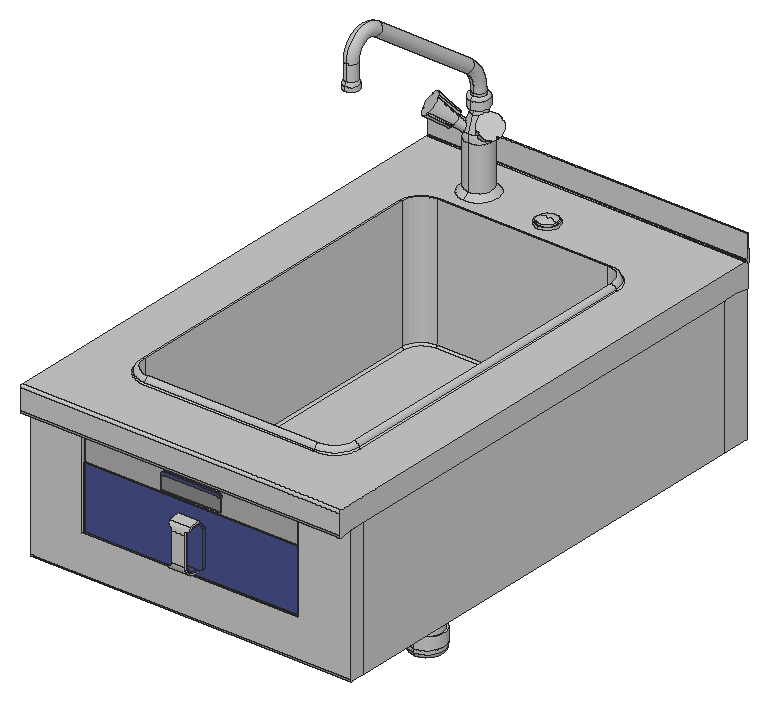
Revit family "QF_ELECTROLUXPROFESSIONAL_588401_MABFABEOAO", category Specialty Equipment, Revit 2018
Family settings
  Round Connector Dimension = Use Diameter
  Part Type = Normal
  Work Plane-Based = No
  Always vertical = Yes
  Cut with Voids When Loaded = No
  Shared = No
  Room Calculation Point = No
Parameters
  Weight in Pounds = 33.0693
  Watts = 1500 VA  # 1500 W
  Waste Water Discharge Temperature [instance] = -459.67 °F
  Volts = 400 V  # constant formula
  URL Cutsheet = ""
  Type Mark [instance] = ""
  Status [instance] = ""
  Specification by User [instance] = ""
  Specification by Manufacturer = ""
  Small Baine = yes
  Show Backsplash [instance] = yes
  Serial Number = ""
  Seismic Rating = ""
  SMACNA No = ""
  Revision Code [instance] = ""
  Plumbing Remarks [instance] = ""
  Plumbing Connection Type [instance] = ""
  Phase = 3  # constant formula
  Omniclass Number and Title = ""
  Number of Poles [instance] = 1
  NAFEM Spec ID Number = ""
  Model = "588401"
  Min Ckt Ampacity = 0 A
  Max Overcurrent Protection = 0 A
  Masterspec = ""
  Manufacturer = "ELECTROLUX"
  Item Number [instance] = ""
  Installed By [instance] = ""
  Indirect Waste Size = 1"
  Indirect Waste Flow [instance] = 0 GPM
  Indirect Waste Connection Type [instance] = ""
  Indirect Waste Connection Height = 0 mm
  Identify Quantity as Lot [instance] = yes
  Hot Water Temperature = -459.67 °F
  Hot Water Size = 3/4"
  Hot Water RI Height [instance] = 0 mm
  Hot Water Minimum Pressure = 0.00 psi
  Hot Water Maximum Pressure = 0.00 psi
  Hot Water Flow [instance] = 0 GPM
  Hot Water Consumption = 0 GPM
  Hot Water Connection Height = 0 mm
  HP = "2 HP"
  Furnished By [instance] = ""
  Foodservice Equipment Identifier [instance] = yes
  FL Amps [instance] = if(Phase = 3, Watts / (Volts * 1.73), Watts / Volts)  # 2.16763 A
  Electrical Remarks = "400 V/3N ph/50/60 Hz"  # constant formula
  Electric Connection Type [instance] = ""
  Elec Conn RI Height [instance] = 0 mm
  Elec Conn Connection Height [instance] = 0 mm
  Direct Waste Size = 1"
  Description = "EL.BAINM,1/1GN,TAP(L),1S,BS,500X800X250H"
  Cycle [instance] = if([60 Hertz Option], 60 Hz, 50 Hz)  # 60 Hz
  Conn Plug = ""
  Conn Conduit = yes
  Cold Water Temperature Recommended [instance] = 0 °F
  Cold Water Size = 3/4"
  Cold Water RI Height [instance] = 0 mm
  Cold Water Minimum Pressure = 0.00 psi
  Cold Water Maximum Pressure = 0.00 psi
  Cold Water Flow [instance] = 0 GPM
  Cold Water Consumption = ""
  Cold Water Connection Height = 0 mm
  CSI MasterFormat = ""
  CSI Master Format = ""
  Back Panel [instance] = not(Show Backsplash)  # no
  Apparent Power [instance] = if(Phase = 3, Volts * FL Amps * 1.73, Volts * FL Amps)  # 1500 VA
  60 Hertz Option [instance] = not([50 Hertz Option])  # yes
  50 Hertz Option [instance] = no
Reference planes
  plane 1 "BACK": y = 0
  plane 2: z = 0
  plane 3 "LEFT": x = 0
  plane 4 "RIGHT": x = 500
  plane 5 "FRONT": y = -800
  plane 6 "TOP": z = 250
  plane 7: x = 250
  plane 8: y = -400
  plane 9: z = 582.185
  plane 10: x = 465
  plane 11: y = -94
Forms (mm)
  Extrusion 1, solid, material "QF_Finishes_Stainless Steel"
    sketch origin (0, -487.128, 0) x (0, 1, 0) y (0, 0, 1)
      loop
        line (483.128, 250) -> (-308.872, 250)
        arc (-308.872, 250) -> (-311.7, 248.828) -> (-312.872, 246) r 4
        line (-312.872, 246) -> (-312.872, 214)
        arc (-312.872, 214) -> (-311.443, 210.936) -> (-308.177, 210.061) r 4
        line (-308.177, 210.061) -> (-291.509, 213) -> (465.765, 213) -> (482.433, 210.061)
        arc (482.433, 210.061) -> (485.699, 210.936) -> (487.128, 214) r 4
        line (487.128, 214) -> (487.128, 246)
        arc (487.128, 246) -> (485.956, 248.828) -> (483.128, 250) r 4
    from 0 to 500
  Extrusion 2, void
    sketch origin (0, -4, 250) x (1, 0, 0) y (0, -1, 0)
      loop
        line (423.051, 156.931) -> (423.051, 660.069)
        arc (423.051, 660.069) -> (411.335, 688.354) -> (383.051, 700.069) r 40
        line (383.051, 700.069) -> (116.931, 700.069)
        arc (116.931, 700.069) -> (88.646, 688.354) -> (76.931, 660.069) r 40
        line (76.931, 660.069) -> (76.931, 156.931)
        arc (76.931, 156.931) -> (88.646, 128.647) -> (116.931, 116.931) r 40
        line (116.931, 116.931) -> (383.051, 116.931)
        arc (383.051, 116.931) -> (411.335, 128.647) -> (423.051, 156.931) r 40
    from 0 to 40
  Extrusion 3, solid, material "QF_Finishes_Stainless Steel"
    sketch origin (-178.969, -4572, 0) x (-1, 0, 0) y (0, -1, 0)
      loop
        line (-178.969, -4526) -> (-178.969, -3818) -> (-678.969, -3818) -> (-678.969, -4526) -> (-178.969, -4526)
      loop
        line (-204.369, -4500.6) -> (-204.369, -3843.4) -> (-653.569, -3843.4) -> (-653.569, -4500.6) -> (-204.369, -4500.6)
    from 0 to 213
  Extrusion 4, solid, material "QF_Finishes_Stainless Steel"
    sketch origin (-178.969, -4572, 0) x (-1, 0, 0) y (0, -1, 0)
      loop
        line (-204.369, -4500.6) -> (-204.369, -3843.4) -> (-653.569, -3843.4) -> (-653.569, -4500.6) -> (-204.369, -4500.6)
    from 0 to 10
  Extrusion 5, solid, material "QF_Finishes_Stainless Steel", visible <- "Back Panel"
    sketch origin (0, 0, 0) x (0, 1, 0) y (0, 0, 1)
      loop
        line (-46, 0) -> (-23, 0)
        arc (-23, 0) -> (-20.879, 0.879) -> (-20, 3) r 3
        line (-20, 3) -> (-20, 213) -> (-46, 213) -> (-46, 0)
    from 0 to 500
  Extrusion 6, solid, material "QF_Finishes_Stainless Steel"
    sketch origin (-50, 25, 0) x (1, 0, 0) y (0, 1, 0)
      loop
        circle (300, -685) r 12.7
    from 0 to 12.5
  Extrusion 7, solid, material "QF_Finishes_Stainless Steel"
    sketch origin (-50, 39.803, 250) x (0, -1, 0) y (1, 0, 0)
      loop
        circle (120.803, 300) r 17.578
    from 0 to 3.2
  Revolve 8, solid, material "QF_Finishes_Stainless Steel"
    sketch origin (0, -81, 2.262) x (1, 0, 0) y (0, 0, 1)
      loop
        line (250, 250.938) -> (250, 256.608)
        arc (250, 256.608) -> (242.261, 255.697) -> (235, 252.868) r 30.732
        line (235, 252.868) -> (235, 250.938) -> (250, 250.938)
      axis (250, 250.938) -> (250, 256.608)
    angle from 0 to 360
  Revolve 9, solid, material "QF_Finishes_Stainless Steel"
    sketch origin (465, 1382.872, -192.047) x (0, 1, 0) y (0, 0, 1)
      loop
        line (-1937.861, 186.547) -> (-1937.861, 192.047) -> (-1967.861, 192.047) -> (-1967.861, 141.547) -> (-1947.861, 141.547)
        arc (-1947.861, 141.547) -> (-1943.618, 143.305) -> (-1941.861, 147.547) r 6
        line (-1941.861, 147.547) -> (-1941.361, 153.547) -> (-1941.361, 172.547) -> (-1944.361, 172.547) -> (-1944.361, 186.547) -> (-1937.861, 186.547)
      axis (-1967.872, 141.547) -> (-1967.872, 192.047)
    angle from 0 to 360
  Revolve 10, solid, material "QF_Finishes_Black"
    sketch origin (135, -54.517, -46.552) x (0, 1, 0) y (0, 0, 1)
      loop
        arc (-25.958, 192.99) -> (-25.178, 193.771) -> (-25.958, 194.552) r 0.781
        line (-25.958, 194.552) -> (-27.459, 194.552) -> (-27.459, 179.552) -> (-29.958, 179.552) -> (-29.958, 177.38) -> (-28.404, 177.38) -> (-27.456, 177.547) -> (-26.894, 178.11) -> (-25.907, 178.11) -> (-25.907, 180.54)
        arc (-25.907, 180.54) -> (-25.128, 181.318) -> (-25.907, 182.097) r 0.779
        arc (-25.907, 182.097) -> (-25.128, 182.875) -> (-25.907, 183.654) r 0.779
        arc (-25.907, 183.654) -> (-25.128, 184.433) -> (-25.907, 185.211) r 0.779
        arc (-25.907, 185.211) -> (-25.128, 185.99) -> (-25.907, 186.768) r 0.779
        arc (-25.907, 186.768) -> (-25.128, 187.547) -> (-25.907, 188.326) r 0.779
        arc (-25.907, 188.326) -> (-25.128, 189.104) -> (-25.907, 189.883) r 0.779
        arc (-25.907, 189.883) -> (-25.128, 190.661) -> (-25.907, 191.44) r 0.779
        arc (-25.907, 191.44) -> (-25.128, 192.219) -> (-25.907, 192.997) r 0.779
      axis (-39.483, 194.552) -> (-39.483, 177.38)
    angle from 0 to 360
  Extrusion 11, solid, material "QF_Finishes_Stainless Steel", visible <- "Show Backsplash"
    sketch origin (0, 0, 0) x (0, 1, 0) y (0, 0, 1)
      loop
        line (-2.951, 2) -> (-2.951, 210.133)
        arc (-2.951, 210.133) -> (-3.795, 210.009) -> (-4.646, 210.066) r 4
        line (-4.646, 210.066) -> (-21.287, 213) -> (-46, 213) -> (-46, 0) -> (-4.951, 0)
        arc (-4.951, 0) -> (-3.537, 0.586) -> (-2.951, 2) r 2
      loop
        arc (-1.951, 252.006) -> (-2.537, 250.592) -> (-3.951, 250.006) r 2
        arc (-3.951, 250.006) -> (-1.172, 248.828) -> (0, 246) r 4
        line (0, 246) -> (0, 288.006) -> (-1.951, 288.006) -> (-1.951, 252.006)
    from 500 to 0
  Sweep 12, solid, material "QF_Finishes_Stainless Steel"
    path origin (-178.969, -4572, 0) x (-1, 0, 0) y (0, -1, 0)
      loop
        line (-255.899, -4411.069) -> (-255.899, -3907.931)
        arc (-255.899, -3907.931) -> (-267.615, -3879.646) -> (-295.899, -3867.931) r 40
        line (-295.899, -3867.931) -> (-562.02, -3867.931)
        arc (-562.02, -3867.931) -> (-590.304, -3879.646) -> (-602.02, -3907.931) r 40
        line (-602.02, -3907.931) -> (-602.02, -4411.069)
        arc (-602.02, -4411.069) -> (-590.304, -4439.353) -> (-562.02, -4451.069) r 40
        line (-562.02, -4451.069) -> (-295.899, -4451.069)
        arc (-295.899, -4451.069) -> (-267.615, -4439.353) -> (-255.899, -4411.069) r 40
    profile origin (76.931, -412.5, 0) x (1, 0, 0) y (0, 0, 1)
      loop
        arc (9.05, 258) -> (4.345, 256.153) -> (1.961, 251.697) r 7.314
        arc (1.961, 251.697) -> (1.3, 250.48) -> (0, 250) r 1.969
        line (0, 250) -> (8.05, 250) -> (8.05, 54)
        arc (8.05, 54) -> (9.221, 51.172) -> (12.05, 50) r 4
        line (12.05, 50) -> (12.05, 51)
        arc (12.05, 51) -> (9.928, 51.879) -> (9.05, 54) r 3
        line (9.05, 54) -> (9.05, 258)
  Extrusion 13, solid, material "QF_Finishes_Stainless Steel"
    sketch origin (-178.969, -4572, 0) x (-1, 0, 0) y (0, -1, 0)
      loop
        arc (-267.949, -3907.931) -> (-276.135, -3888.167) -> (-295.899, -3879.98) r 27.95
        line (-295.899, -3879.98) -> (-562.02, -3879.98)
        arc (-562.02, -3879.98) -> (-581.784, -3888.167) -> (-589.97, -3907.931) r 27.95
        line (-589.97, -3907.931) -> (-589.97, -4411.069)
        arc (-589.97, -4411.069) -> (-581.784, -4430.833) -> (-562.02, -4439.02) r 27.95
        line (-562.02, -4439.02) -> (-295.899, -4439.02)
        arc (-295.899, -4439.02) -> (-276.135, -4430.833) -> (-267.949, -4411.069) r 27.95
        line (-267.949, -4411.069) -> (-267.949, -3907.931)
    from 50 to 51
Cuts and joins
  Extrusion 2 cuts Extrusion 1
  joined: Extrusion 3, Extrusion 4
  joined: Sweep 12, Extrusion 13
Lines and regions (mm)
  symbolic lines
    curve 1: line (0, 0, 0) -> (500, 0, 0)
    curve 2: line (0, -800, 0) -> (0, 0, 0)
    curve 3: line (500, -800, 0) -> (0, -800, 0)
    curve 4: line (500, 0, 0) -> (500, -800, 0)
    curve 5: circle (250, -659.789, 0) r 14.885 normal (0, 0, 1)
    curve 6: circle (250, -81, 0) r 15 normal (0, 0, 1)
    curve 7: circle (250, -81, 0) r 17.578 normal (0, 0, 1)
    curve 9: line (85.98, -664.069, 0) -> (85.98, -160.931, 0)
    curve 10: arc (85.98, -664.069, 0) -> (95.045, -685.955, 0) -> (116.931, -695.02, 0) r 30.95
    curve 11: line (383.051, -695.02, 0) -> (116.931, -695.02, 0)
    curve 12: arc (383.051, -695.02, 0) -> (404.936, -685.955, 0) -> (414.001, -664.069, 0) r 30.95
    curve 13: line (414.001, -160.931, 0) -> (414.001, -664.069, 0)
    curve 14: arc (414.001, -160.931, 0) -> (404.936, -139.046, 0) -> (383.051, -129.98, 0) r 30.95
    curve 15: line (116.931, -129.98, 0) -> (125.475, -129.98, 0)
    curve 16: arc (116.931, -129.98, 0) -> (95.045, -139.046, 0) -> (85.98, -160.931, 0) r 30.95
    curve 17: arc (76.931, -160.931, 0) -> (88.646, -132.647, 0) -> (116.931, -120.931, 0) r 40
    curve 18: line (383.051, -120.931, 0) -> (179.697, -120.931, 0)
    curve 19: arc (383.051, -120.931, 0) -> (411.335, -132.647, 0) -> (423.051, -160.931, 0) r 40
    curve 20: line (423.051, -664.069, 0) -> (423.051, -160.931, 0)
    curve 21: line (76.931, -160.931, 0) -> (76.931, -664.069, 0)
    curve 22: arc (116.931, -704.069, 0) -> (88.646, -692.354, 0) -> (76.931, -664.069, 0) r 40
    curve 23: line (116.931, -704.069, 0) -> (383.051, -704.069, 0)
    curve 24: arc (423.051, -664.069, 0) -> (411.335, -692.354, 0) -> (383.051, -704.069, 0) r 40
    curve 25: line (144.525, -129.98, 0) -> (383.051, -129.98, 0)
    curve 26: line (125.475, -120.931, 0) -> (116.931, -120.931, 0)
    curve 27: line (169.674, -120.931, 0) -> (144.525, -120.931, 0)
  symbolic lines, visible <- "Show Backsplash"
    curve 8: line (0, -1.951, 0) -> (500, -1.951, 0)
Dimensions and locks
  plane 3 "LEFT" to plane 4 "RIGHT" = 500 mm
  plane 5 "FRONT" to plane 1 "BACK" = 800 mm
  equal spacing: plane 3 "LEFT", plane 7, plane 4 "RIGHT"
  equal spacing: plane 5 "FRONT", plane 8, plane 1 "BACK"
  plane 6 "TOP" to level = 250 mm  (x2)
  plane 1 "BACK" to plane 5 "FRONT" = 800 mm
  Extrusion 6 sketch curve to plane 1 "BACK" = 660 mm
  Extrusion 6 sketch curve to plane 4 "RIGHT" = 250 mm
  plane 5 "FRONT" to nested 1 = 729 mm
  Revolve 10 to level = 148 mm
  plane 1 "BACK" to Extrusion 6 = 660 mm
  plane 3 "LEFT" to nested 1 = 135 mm
  plane 4 "RIGHT" to plane 10 = 35 mm
  plane 5 "FRONT" to Revolve 8 = 719 mm
  plane 1 "BACK" to plane 11 = 94 mm
  aligned and locked: level to plane 2
Automatic sketch dimensions
  Extrusion 1 sketch curve to plane 5 "FRONT" = 0 mm
  Extrusion 1 sketch curve to plane 6 "TOP" = 0 mm
  Extrusion 1 sketch curve to plane 1 "BACK" = 0 mm
  Extrusion 1 sketch curve to plane 6 "TOP" = 37 mm
  Extrusion 1 sketch curve to plane 5 "FRONT" = 4 mm  (x2)
  Extrusion 1 sketch curve to plane 5 "FRONT" = 21.363 mm
  plane 1 "BACK" to Extrusion 1 sketch curve = 21.363 mm
  plane 1 "BACK" to Extrusion 1 sketch curve = 4 mm
  Extrusion 1 sketch curve to Extrusion 1 sketch curve = 0.695 mm
  Extrusion 1 sketch curve to Extrusion 1 sketch curve = 0 mm  (x4)
  plane 1 "BACK" to Extrusion 1 sketch curve = 4.695 mm
  Extrusion 1 sketch curve to Extrusion 1 sketch curve = 4 mm
  Extrusion 1 sketch curve to Extrusion 1 sketch curve = 1 mm  (x2)
  Extrusion 3 sketch curve to plane 4 "RIGHT" = 0 mm
  Extrusion 3 sketch curve to plane 3 "LEFT" = 0 mm
  plane 1 "BACK" to Extrusion 3 sketch curve = 46 mm
  plane 4 "RIGHT" to Extrusion 3 sketch curve = 25.4 mm
  plane 3 "LEFT" to Extrusion 3 sketch curve = 25.4 mm
  Extrusion 3 sketch curve to Extrusion 3 sketch curve = 25.4 mm  (x2)
  Extrusion 3 sketch curve to plane 5 "FRONT" = 71.4 mm
  plane 4 "RIGHT" to Extrusion 4 sketch curve = 25.4 mm
  plane 1 "BACK" to Extrusion 4 sketch curve = 71.4 mm
  plane 3 "LEFT" to Extrusion 4 sketch curve = 25.4 mm
  Extrusion 4 sketch curve to plane 5 "FRONT" = 71.4 mm
  plane 1 "BACK" to Revolve 9 sketch curve = 584.989 mm
  Revolve 9 sketch curve to plane 6 "TOP" = 300.5 mm
  Revolve 9 sketch curve to Revolve 9 sketch curve = 20 mm
  Revolve 9 sketch curve to Revolve 9 sketch curve = 3.5 mm
  Revolve 9 sketch curve to Revolve 9 sketch curve = 6 mm  (x2)
  Revolve 9 sketch curve to Revolve 9 sketch curve = 3 mm
  Revolve 9 sketch curve to Revolve 9 sketch curve = 6.5 mm
  plane 1 "BACK" to Revolve 9 sketch curve = 585 mm
  Revolve 9 sketch curve to Revolve 9 sketch curve = 19 mm
  Revolve 9 sketch curve to Revolve 9 sketch curve = 14 mm
  Revolve 9 sketch curve to Revolve 9 sketch curve = 5.5 mm
  Revolve 9 sketch curve to Revolve 9 sketch curve = 6.734 mm
  Revolve 9 sketch curve to plane 6 "TOP" = 222.234 mm
  level to Revolve 10 sketch curve = 130.828 mm
  Revolve 10 sketch curve to Revolve 10 sketch curve = 1.554 mm
  Revolve 10 sketch curve to Revolve 10 sketch curve = 2.499 mm
  Revolve 10 sketch curve to Revolve 10 sketch curve = 0.948 mm
  Revolve 10 sketch curve to Revolve 10 sketch curve = 0.562 mm  (x2)
  Revolve 10 sketch curve to Revolve 10 sketch curve = 1.5 mm
  Revolve 10 sketch curve to Revolve 10 sketch curve = 0.987 mm  (x2)
  Revolve 10 sketch curve to Revolve 10 sketch curve = 0 mm  (x12)
  Revolve 10 sketch curve to Revolve 10 sketch curve = 0.052 mm  (x2)
  Revolve 10 sketch curve to Revolve 10 sketch curve = 0.167 mm
  Revolve 10 sketch curve to Revolve 10 sketch curve = 2.172 mm
  Revolve 10 sketch curve to Revolve 10 sketch curve = 14.013 mm
  Revolve 10 sketch curve to Revolve 10 sketch curve = 0.779 mm  (x8)
  Revolve 10 sketch curve to Revolve 10 sketch curve = 0.007 mm
  Revolve 10 sketch curve to Revolve 10 sketch curve = 0.878 mm
  Revolve 10 sketch curve to Revolve 10 sketch curve = 1.95 mm
  plane 1 "BACK" to Revolve 10 sketch curve = 84.475 mm
  Revolve 10 sketch curve to Revolve 10 sketch curve = 9.525 mm
  Extrusion 5 sketch curve to level = 0 mm
  level to Extrusion 5 sketch curve = 3 mm
  Extrusion 5 sketch curve to Extrusion 5 sketch curve = 23 mm
  plane 1 "BACK" to Extrusion 5 sketch curve = 20 mm
  Extrusion 5 sketch curve to plane 6 "TOP" = 37 mm
  Extrusion 1 to Extrusion 7 sketch curve = 77 mm
  Extrusion 1 to Extrusion 7 sketch curve = 250 mm
  Revolve 8 sketch curve to plane 7 = 0 mm  (x2)
  plane 6 "TOP" to Revolve 8 sketch curve = 3.2 mm
  plane 6 "TOP" to Revolve 8 sketch curve = 5.13 mm
  Revolve 8 sketch curve to plane 7 = 15 mm
  Revolve 8 sketch curve to plane 7 = 0.304 mm
  Revolve 8 sketch curve to Revolve 8 sketch curve = 5.67 mm
  Revolve 8 sketch curve to plane 6 "TOP" = 2.738 mm
  Revolve 8 sketch curve to Revolve 8 sketch curve = 6.568 mm
  Extrusion 1 to Extrusion 2 sketch curve = 76.931 mm
  Extrusion 1 to Extrusion 2 sketch curve = 91.931 mm
  Extrusion 2 sketch curve to Extrusion 2 sketch curve = 40 mm  (x3)
  Extrusion 1 to Extrusion 2 sketch curve = 116.949 mm  (x2)
  Extrusion 1 to Extrusion 2 sketch curve = 156.931 mm
  Extrusion 11 sketch curve to level = 0 mm
  Extrusion 11 sketch curve to plane 1 "BACK" = 0 mm  (x2)
  level to Extrusion 11 sketch curve = 2 mm
  Extrusion 11 sketch curve to plane 6 "TOP" = 0 mm
  plane 1 "BACK" to Extrusion 11 sketch curve = 1.951 mm
  plane 1 "BACK" to Extrusion 11 sketch curve = 2.951 mm
  Extrusion 11 sketch curve to Extrusion 11 sketch curve = 18.335 mm
  Extrusion 11 sketch curve to Extrusion 11 sketch curve = 41.049 mm
  Extrusion 11 sketch curve to Extrusion 11 sketch curve = 1.695 mm
  Extrusion 11 sketch curve to Extrusion 11 sketch curve = 0 mm  (x3)
  plane 1 "BACK" to Extrusion 11 sketch curve = 4 mm
  plane 1 "BACK" to Extrusion 11 sketch curve = 3.951 mm
  Extrusion 11 sketch curve to Extrusion 11 sketch curve = 2 mm
  Extrusion 11 sketch curve to Extrusion 11 sketch curve = 35.867 mm
  Extrusion 11 sketch curve to plane 6 "TOP" = 37 mm
  plane 6 "TOP" to Extrusion 11 sketch curve = 2.006 mm
  Extrusion 11 sketch curve to Extrusion 11 sketch curve = 36 mm
  Extrusion 11 sketch curve to Extrusion 11 sketch curve = 0.066 mm
  curve 6 to curve 7 = 0 mm  (x2)
  plane 1 "BACK" to curve 1 = 0 mm
  curve 3 to plane 3 "LEFT" = 0 mm
  plane 5 "FRONT" to curve 3 = 0 mm
  curve 8 to plane 4 "RIGHT" = 0 mm
  curve 7 to plane 7 = 0 mm
  curve 5 to plane 7 = 0 mm
  curve 1 to curve 8 = 1.951 mm
  curve 6 to plane 11 = 13 mm
  curve 5 to plane 8 = 259.789 mm
  Sweep 12 sketch curve to plane 10 = 41.949 mm
  plane 11 to Sweep 12 sketch curve = 26.931 mm
  Sweep 12 sketch curve to Sweep 12 sketch curve = 40 mm  (x3)
  plane 3 "LEFT" to Sweep 12 sketch curve = 116.931 mm  (x2)
  Sweep 12 sketch curve to plane 5 "FRONT" = 135.931 mm
  Sweep 12 sketch curve to Sweep 12 sketch curve = 0 mm  (x3)
  profile plane to Sweep 12 sketch curve = 0 mm
  Sweep 12 sketch curve to profile plane = 12.05 mm
  profile plane to Sweep 12 sketch curve = 50 mm
  Sweep 12 sketch curve to Sweep 12 sketch curve = 4 mm
  Sweep 12 sketch curve to Sweep 12 sketch curve = 1 mm
  Sweep 12 sketch curve to profile plane = 0.011 mm
  Sweep 12 sketch curve to profile plane = 1.961 mm
  Sweep 12 sketch curve to Sweep 12 sketch curve = 1.156 mm
  Sweep 12 sketch curve to Sweep 12 sketch curve = 196 mm
  Sweep 12 sketch curve to Sweep 12 sketch curve = 8 mm
  Extrusion 13 sketch curve to plane 10 = 53.999 mm
  plane 11 to Extrusion 13 sketch curve = 38.98 mm
  Extrusion 13 sketch curve to Extrusion 13 sketch curve = 27.95 mm  (x3)
  plane 3 "LEFT" to Extrusion 13 sketch curve = 116.931 mm  (x2)
  Extrusion 13 sketch curve to plane 5 "FRONT" = 135.931 mm
  plane 3 "LEFT" to curve 9 = 85.98 mm
  curve 9 to plane 5 "FRONT" = 135.931 mm
  curve 10 to curve 9 = 30.95 mm
  plane 11 to curve 9 = 66.931 mm
  curve 11 to plane 10 = 81.949 mm
  curve 12 to curve 12 = 30.95 mm
  curve 13 to curve 14 = 30.95 mm
  curve 15 to curve 9 = 30.95 mm
  curve 16 to curve 17 = 0 mm  (x2)
  plane 11 to curve 26 = 26.931 mm
  curve 18 to curve 14 = 0 mm
  curve 14 to curve 19 = 0 mm
  curve 12 to curve 20 = 0 mm
  curve 10 to curve 21 = 0 mm
  curve 10 to curve 22 = 0 mm
  curve 25 to plane 7 = 105.475 mm
  curve 26 to plane 7 = 124.525 mm
  curve 27 to plane 7 = 80.326 mm
  curve 12 to curve 24 = 0 mm
  curve 18 to plane 7 = 70.303 mm
  curve 15 to plane 7 = 124.525 mm
  plane 11 to curve 18 = 26.931 mm
  plane 11 to curve 27 = 26.931 mm
  curve 27 to plane 7 = 105.475 mm
  radius of Extrusion 6 sketch curve = 12.7 mm
  radius of Extrusion 7 sketch curve = 17.578 mm
  radius of curve 5 = 14.885 mm
  radius of curve 6 = 15 mm
  radius of curve 7 = 17.578 mm
Nested families
  nested 1: "Thermaline Faucet" at (135, -71, 0), type "Thermaline Faucet"
  nested 2: "EB_800_500_Front Panel" at (202.376, -754, -650), type "EB_800_500_Front Panel"
Connectors
  piping at (250, -660, 0), diameter 25.4
    settings: on Extrusion 6, index 3, connector inside diameter 1", connector length 0 mm, flow factor 0, pipe flow 0 GPM, pressure drop 0.00 psi, fitting loss kfactor 0, connector angle 0.00°, fixture units 0, engagement length 0 mm, angle of deflection 0.00°, flow configuration 1, flow direction 2, fitting loss method 0, system type 16, joint type 0, gender type 0, connector reference index -1, connector utility 0, adjustable connector no, is connector primary yes, connector description "DRAIN"
  electrical at (465, -585, 0), driven by "Volts", driven by "Watts"
    settings: on Revolve 9, index 4, voltage 400 V, apparent load 1500 VA, apparent load phase1 0 VA, apparent load phase2 0 VA, apparent load phase3 0 VA, power factor 1, load classification "Other", number of poles 1, system type 30, power factor state 1, is connector primary yes, connector utility no, sub classification motor no, connector description "ELECTRICAL CONNECTION"
  piping at (135, -94, 130.828), diameter 19
    settings: on Revolve 10, index 5, connector inside diameter 0.74803", connector length 0 mm, flow factor 0, pipe flow 0 GPM, pressure drop 0.00 psi, fitting loss kfactor 0, connector angle 0.00°, fixture units 0, engagement length 0 mm, angle of deflection 0.00°, flow configuration 1, flow direction 1, fitting loss method 0, system type 20, joint type 0, gender type 0, connector reference index -1, connector utility 0, adjustable connector no, is connector primary no, connector description "COLD WATER INLET"
  piping at (135, -94, 130.828), diameter 19
    settings: on Revolve 10, index 6, connector inside diameter 0.74803", connector length 0 mm, flow factor 0, pipe flow 0 GPM, pressure drop 0.00 psi, fitting loss kfactor 0, connector angle 0.00°, fixture units 0, engagement length 0 mm, angle of deflection 0.00°, flow configuration 1, flow direction 1, fitting loss method 0, system type 19, joint type 0, gender type 0, connector reference index -1, connector utility 0, adjustable connector no, is connector primary no, connector description "HOT WATER INLET"
Definition of nested family "Thermaline Faucet"
  Reference planes
    plane 1 "Center (Front/Back)": y = 0
    plane 2: z = 0
    plane 3 "Center (Left/Right)": x = 0
  Forms (mm)
    Revolve 1, solid
      sketch origin (0, 110, 0) x (0, 1, 0) y (0, 0, 1)
        loop
          line (-110, 250) -> (-80.897, 250) -> (-89.277, 258.38) -> (-89.277, 326.173)
          arc (-89.277, 326.173) -> (-89.737, 332.364) -> (-91.107, 338.419) r 41.887
          line (-91.107, 338.419) -> (-98.513, 362.642)
          arc (-98.513, 362.642) -> (-99.453, 366.971) -> (-99.667, 371.396) r 26.78
          line (-99.667, 371.396) -> (-94.537, 371.396) -> (-94.537, 383.339)
          arc (-94.537, 383.339) -> (-95.799, 386.384) -> (-98.844, 387.646) r 4.307
          line (-98.844, 387.646) -> (-110, 387.646) -> (-110, 250)
        axis (-110, 387.646) -> (-110, 250)
      angle from 0 to 360
    Sweep 2, solid
      path origin (-70, 110, 0) x (0, 1, 0) y (0, 0, 1)
        loop
          line (-110, 387.646) -> (-110, 391.879)
          arc (-110, 391.879) -> (-115.995, 416.848) -> (-132.672, 436.375) r 55
          line (-132.672, 436.375) -> (-312.366, 566.931)
          arc (-312.366, 566.931) -> (-343.62, 569.39) -> (-360, 542.66) r 30
          line (-360, 542.66) -> (-360, 517.854)
      profile origin (-70, 0, 389.762) x (0, -1, 0) y (1, 0, 0)
        loop
          circle (0, 70) r 9.525
    Revolve 3, solid
      sketch origin (0, 104.787, 374.993) x (0, 1, 0) y (0, 0, 1)
        loop
          line (-354.787, 136.51) -> (-354.787, 142.86) -> (-364.312, 142.86) -> (-366.717, 136.51) -> (-366.717, 130.16) -> (-354.787, 130.16) -> (-354.787, 136.51)
        axis (-354.787, 130.16) -> (-354.787, 142.86)
      angle from 0 to 360
    Blend 4, solid
      base sketch origin (79.461, -905.497, 152.805) x (0.692474, 0.046138, 0.719966) y (0.40024, -0.854864, -0.330174)
        loop
          arc (109.326, -848.459) -> (98.651, -853.462) -> (93.381, -864.007) r 17.953
          arc (93.381, -864.007) -> (95.845, -865.98) -> (93.297, -867.845) r 1.988
          arc (93.297, -867.845) -> (98.373, -878.893) -> (109.326, -884.172) r 17.953
          arc (109.326, -884.172) -> (111.185, -882.313) -> (113.044, -884.172) r 1.859
          arc (113.044, -884.172) -> (123.997, -878.893) -> (129.073, -867.845) r 17.953
          arc (129.073, -867.845) -> (127.548, -865.958) -> (128.989, -864.007) r 1.984
          arc (128.989, -864.007) -> (123.762, -853.504) -> (113.164, -848.472) r 17.953
          arc (113.164, -848.472) -> (111.239, -850.043) -> (109.326, -848.459) r 1.956
      top sketch origin (79.461, -905.497, 152.805) x (0.692474, 0.046138, 0.719966) y (0.40024, -0.854864, -0.330174)
        loop
          arc (109.326, -853.371) -> (102.264, -856.945) -> (98.69, -864.007) r 12.7
          arc (98.69, -864.007) -> (100.609, -865.926) -> (98.69, -867.845) r 1.919
          arc (98.69, -867.845) -> (102.264, -874.906) -> (109.326, -878.48) r 12.7
          arc (109.326, -878.48) -> (111.245, -876.561) -> (113.164, -878.48) r 1.919
          arc (113.164, -878.48) -> (120.225, -874.906) -> (123.799, -867.845) r 12.7
          arc (123.799, -867.845) -> (121.88, -865.926) -> (123.799, -864.007) r 1.919
          arc (123.799, -864.007) -> (120.225, -856.945) -> (113.164, -853.371) r 12.7
          arc (113.164, -853.371) -> (111.245, -854.791) -> (109.326, -853.371) r 2.007
      from 239.294 to 275.758
    Extrusion 5, solid
      sketch origin (244.982, -762.986, -15.528) x (0.692474, 0.046138, 0.719966) y (0.40024, -0.854864, -0.330174)
        loop
          circle (111.245, -865.926) r 8.197
      from 0 to 21.835
    Blend 6, solid
      base sketch origin (-79.461, -905.497, 152.805) x (-0.692474, 0.046138, 0.719966) y (0.40024, 0.854864, 0.330174)
        loop
          arc (109.326, 848.459) -> (111.239, 850.043) -> (113.164, 848.472) r 1.956
          arc (113.164, 848.472) -> (123.762, 853.504) -> (128.989, 864.007) r 17.953
          arc (128.989, 864.007) -> (127.548, 865.958) -> (129.073, 867.845) r 1.984
          arc (129.073, 867.845) -> (123.997, 878.893) -> (113.044, 884.172) r 17.953
          arc (113.044, 884.172) -> (111.185, 882.313) -> (109.326, 884.172) r 1.859
          arc (109.326, 884.172) -> (98.373, 878.893) -> (93.297, 867.845) r 17.953
          arc (93.297, 867.845) -> (95.845, 865.98) -> (93.381, 864.007) r 1.988
          arc (93.381, 864.007) -> (98.651, 853.462) -> (109.326, 848.459) r 17.953
      top sketch origin (-79.461, -905.497, 152.805) x (-0.692474, 0.046138, 0.719966) y (0.40024, 0.854864, 0.330174)
        loop
          arc (109.326, 853.371) -> (111.245, 854.791) -> (113.164, 853.371) r 2.007
          arc (113.164, 853.371) -> (120.225, 856.945) -> (123.799, 864.007) r 12.7
          arc (123.799, 864.007) -> (121.88, 865.926) -> (123.799, 867.845) r 1.919
          arc (123.799, 867.845) -> (120.225, 874.906) -> (113.164, 878.48) r 12.7
          arc (113.164, 878.48) -> (111.245, 876.561) -> (109.326, 878.48) r 1.919
          arc (109.326, 878.48) -> (102.264, 874.906) -> (98.69, 867.845) r 12.7
          arc (98.69, 867.845) -> (100.609, 865.926) -> (98.69, 864.007) r 1.919
          arc (98.69, 864.007) -> (102.264, 856.945) -> (109.326, 853.371) r 12.7
      from 239.294 to 275.758
    Extrusion 7, solid
      sketch origin (-244.982, -762.986, -15.528) x (-0.692474, 0.046138, 0.719966) y (0.40024, 0.854864, 0.330174)
        loop
          circle (111.245, 865.926) r 8.197
      from 0 to 21.835
  Cuts and joins
    joined: Revolve 1, Extrusion 5, Extrusion 7
  Lines and regions (mm)
    symbolic lines
      curve 1: line (-9.525, 0, 0) -> (-9.525, -250, 0)
      curve 2: line (9.525, 0, 0) -> (9.525, -250, 0)
      curve 3: arc (-9.525, -250, 0) -> (0, -259.525, 0) -> (9.525, -250, 0) r 9.525
      curve 4: arc (-9.525, -242.817, 0) -> (0, -261.93, 0) -> (9.525, -242.817, 0) r 11.93
      curve 5: arc (-9.525, 0, 0) -> (0, 9.525, 0) -> (9.525, 0, 0) r 9.525
      curve 6: arc (9.525, -12.181, 0) -> (0, 15.463, 0) -> (-9.525, -12.181, 0) r 15.463
      curve 7: arc (9.525, -27.5, 0) -> (12.082, -26.477, 0) -> (14.531, -25.216, 0) r 29.103
      curve 8: arc (-14.531, -25.216, 0) -> (-12.082, -26.477, 0) -> (-9.525, -27.5, 0) r 29.103
      curve 9: arc (28.284, -6.858, 0) -> (0, 29.103, 0) -> (-28.284, -6.858, 0) r 29.103
      curve 10: arc (9.525, -18.405, 0) -> (0, 20.723, 0) -> (-9.525, -18.405, 0) r 20.723
      curve 11: line (-14.012, -24.575, 0) -> (-34.324, -49.658, 0)
      curve 12: line (-32.144, -6.442, 0) -> (-58.383, -20.986, 0)
      curve 13: spline (-58.383, -20.986, 0) -> (-60.104, -23.263, 0) -> (-60.887, -26.361, 0) -> (-60.681, -30.07, 0) -> (-59.498, -34.136, 0) -> (-57.419, -38.284, 0) -> (-54.586, -42.23, 0) -> (-51.192, -45.705, 0) -> (-47.468, -48.472, 0) -> (-43.669, -50.344, 0) -> (-40.052, -51.191, 0) -> (-36.865, -50.958, 0) -> (-34.324, -49.658, 0) -> (-32.603, -47.382, 0) -> (-31.82, -44.284, 0) -> (-32.026, -40.575, 0) -> (-33.21, -36.508, 0) -> (-35.288, -32.36, 0) -> (-38.121, -28.415, 0) -> (-41.515, -24.94, 0) -> (-45.239, -22.172, 0) -> (-49.039, -20.301, 0) -> (-52.655, -19.453, 0) -> (-55.842, -19.687, 0) -> (-58.383, -20.986, 0)
      curve 14: line (-25.398, -7.744, 0) -> (-20.415, -3.562, 0)
      curve 15: line (-14.519, -20.314, 0) -> (-11.467, -17.262, 0)
      curve 16: line (14.012, -24.575, 0) -> (34.324, -49.658, 0)
      curve 17: spline (58.383, -20.986, 0) -> (60.104, -23.263, 0) -> (60.887, -26.361, 0) -> (60.681, -30.07, 0) -> (59.498, -34.136, 0) -> (57.419, -38.284, 0) -> (54.586, -42.23, 0) -> (51.192, -45.705, 0) -> (47.468, -48.472, 0) -> (43.669, -50.344, 0) -> (40.052, -51.191, 0) -> (36.865, -50.958, 0) -> (34.324, -49.658, 0) -> (32.603, -47.382, 0) -> (31.82, -44.284, 0) -> (32.026, -40.575, 0) -> (33.21, -36.508, 0) -> (35.288, -32.36, 0) -> (38.121, -28.415, 0) -> (41.515, -24.94, 0) -> (45.239, -22.172, 0) -> (49.039, -20.301, 0) -> (52.655, -19.453, 0) -> (55.842, -19.687, 0) -> (58.383, -20.986, 0)
      curve 18: line (25.398, -7.744, 0) -> (20.415, -3.562, 0)
      curve 19: line (14.519, -20.314, 0) -> (11.467, -17.262, 0)
      curve 20: arc (-32.144, -6.442, 0) -> (-19.323, -11.753, 0) -> (-14.012, -24.575, 0) r 18.133
      curve 21: line (32.144, -6.442, 0) -> (58.383, -20.986, 0)
      curve 22: arc (32.144, -6.442, 0) -> (19.323, -11.753, 0) -> (14.012, -24.575, 0) r 18.133
Definition of nested family "EB_800_500_Front Panel"
  Reference planes
    plane 1 "Center (Front/Back)": y = 0
    plane 2: z = 0
    plane 3 "Center (Left/Right)": x = 47.624
    plane 4: x = -202.376
    plane 5: x = 297.624
    plane 6: y = -45
  Forms (mm)
    Extrusion 1, solid
      sketch origin (833.217, 829.203, -1.25) x (0, 1, 0) y (0, 0, 1)
        loop
          arc (-854.203, 654.25) -> (-853.324, 652.129) -> (-851.203, 651.25) r 3
          line (-851.203, 651.25) -> (-829.203, 651.25) -> (-829.203, 864.25) -> (-854.203, 864.25) -> (-854.203, 654.25)
      from -1035.593 to -535.593
    Extrusion 2, void
      sketch origin (33.217, 829.203, -1.25) x (1, 0, 0) y (0, 0, 1)
        loop
          line (-155.593, 855.116) -> (-155.593, 713.116) -> (184.407, 713.116) -> (184.407, 855.116) -> (-155.593, 855.116)
      from 848.59 to 854.203
  Cuts and joins
    Extrusion 2 cuts Extrusion 1
  Dimensions and locks
    equal spacing: plane 5, plane 3 "Center (Left/Right)", plane 4
    plane 5 to plane 4 = 500 mm
    aligned and locked: cut or joined group of Extrusion 1, Extrusion 2 to plane 4
    aligned and locked: plane 5 to cut or joined group of Extrusion 1, Extrusion 2
    aligned and locked: plane 3 "Center (Left/Right)" to nested 2
    aligned and locked: cut or joined group of Extrusion 1, Extrusion 2 to nested 2
    aligned and locked: plane 3 "Center (Left/Right)" to nested 1
  Automatic sketch dimensions
    Extrusion 1 sketch curve to plane 1 "Center (Front/Back)" = 0 mm
    plane 1 "Center (Front/Back)" to Extrusion 1 sketch curve = 22 mm
    Extrusion 1 sketch curve to Extrusion 1 sketch curve = 3 mm
    level to Extrusion 1 sketch curve = 650 mm
    Extrusion 1 sketch curve to Extrusion 1 sketch curve = 210 mm
    plane 4 to Extrusion 2 sketch curve = 80 mm
    Extrusion 2 sketch curve to plane 5 = 80 mm
    level to Extrusion 2 sketch curve = 711.866 mm
    Extrusion 2 sketch curve to Extrusion 2 sketch curve = 142 mm
  Nested families
    nested 1: "Range Control Handle" at (47.624, -28.137, -209.113) x (-1, 0, 0) z (0, 0, 1), type "Range Control Handle"
    nested 2: "glass conrol panel" at (47.624, 280.644, 2.752), type "glass conrol panel"
  Definition of nested family "Range Control Handle"
    Reference planes
      plane 1 "Center (Front/Back)": y = 0
      plane 2: z = 0
      plane 3 "Center (Left/Right)": x = 0
      plane 4: z = 971.092
      plane 5: y = -16.9
    Forms (mm)
      Extrusion 1, solid
        sketch origin (-746.28, 380.497, 208.931) x (-1, 0, 0) y (0, 0, 1)
          loop
            line (-770.101, 786.798) -> (-770.101, 731.649)
            arc (-770.101, 731.649) -> (-769.759, 730.563) -> (-768.855, 729.87) r 1.893
            line (-768.855, 729.87) -> (-763.474, 727.911) -> (-729.81, 727.911) -> (-724.428, 729.87)
            arc (-724.428, 729.87) -> (-723.525, 730.563) -> (-723.183, 731.649) r 1.893
            line (-723.183, 731.649) -> (-723.183, 786.798)
            arc (-723.183, 786.798) -> (-723.529, 787.894) -> (-724.44, 788.593) r 1.91
            line (-724.44, 788.593) -> (-729.683, 790.819) -> (-763.601, 790.819) -> (-768.844, 788.593)
            arc (-768.844, 788.593) -> (-769.755, 787.894) -> (-770.101, 786.798) r 1.91
        from -382.35 to -378.852
      Sweep 2, solid
        path origin (-746.788, 380.496, 208.091) x (0, -1, 0) y (0, 0, 1)
          loop
            line (379.775, 793.281) -> (395.661, 791.048)
            arc (395.661, 791.048) -> (397.781, 787.377) -> (398.517, 783.202) r 12.207
            line (398.517, 783.202) -> (398.517, 737.368)
            arc (398.517, 737.368) -> (397.781, 733.193) -> (395.661, 729.522) r 12.207
            line (395.661, 729.522) -> (379.775, 727.289)
        profile origin (-746.788, -7.222, 1000.256) x (0, -0.139173, 0.990268) y (-1, 0, 0)
          loop
            line (0.782, -763.123) -> (0.782, -730.907) -> (-1.322, -730.907) -> (-1.322, -763.123) -> (0.782, -763.123)
      Sweep 3, solid
        path origin (-746.788, 380.715, 207.832) x (0, -1, 0) y (0, 0, 1)
          loop
            line (380.478, 795.442) -> (397.218, 793.09)
            arc (397.218, 793.09) -> (399.929, 788.473) -> (400.871, 783.202) r 15.207
            line (400.871, 783.202) -> (400.871, 737.584)
            arc (400.871, 737.584) -> (399.914, 732.274) -> (397.164, 727.633) r 15.207
            line (397.164, 727.633) -> (380.601, 725.305)
        profile origin (-746.788, -8.132, 1002.099) x (0, -0.139173, 0.990268) y (-1, 0, 0)
          loop
            line (0.782, -763.123) -> (0.782, -730.907) -> (-1.322, -730.907) -> (-1.322, -763.123) -> (0.782, -763.123)
      Extrusion 4, void
        sketch origin (889.253, 220.666, 207.993) x (1, 0, 0) y (0, 0, 1)
          loop
            line (-943.038, 816.854) -> (-943.038, 703.686) -> (-899.466, 734.196) -> (-899.466, 786.344) -> (-943.038, 816.854)
        from 230.636 to 242.25
      Extrusion 5, void
        sketch origin (-888.8, 220.666, 207.993) x (-1, 0, 0) y (0, 0, -1)
          loop
            line (-943.038, -816.854) -> (-899.466, -786.344) -> (-899.466, -734.196) -> (-943.038, -703.686) -> (-943.038, -816.854)
        from 230.636 to 242.25
      Extrusion 6, solid
        sketch origin (0, 0, 0) x (1, 0, 0) y (0, 0, 1)
          loop
            circle (0, 971.092) r 7.736
        from -3.137 to -1.645
    Cuts and joins
      Extrusion 4, Extrusion 5 cuts Sweep 3
      Extrusion 4, Extrusion 5 cuts Sweep 2
      joined: Extrusion 1, Extrusion 6
    Lines and regions (mm)
      symbolic lines
        curve 1: line (16.334, -16.9, 0) -> (16.334, -19.227, 0)
        curve 2: spline (16.334, -19.227, 0) -> (15.87, -19.385, 0) -> (15.404, -19.536, 0) -> (14.936, -19.678, 0) -> (14.466, -19.813, 0) -> (13.995, -19.94, 0) -> (13.523, -20.059, 0) -> (13.049, -20.171, 0) -> (12.575, -20.274, 0) -> (12.099, -20.37, 0) -> (11.622, -20.458, 0) -> (11.144, -20.537, 0) -> (10.666, -20.609, 0)
        curve 3: line (10.666, -16.9, 0) -> (10.666, -20.938, 0)
        curve 4: line (-10.213, -20.938, 0) -> (10.666, -20.938, 0)
        curve 5: line (-10.213, -20.938, 0) -> (-10.213, -16.9, 0)
        curve 6: spline (-10.213, -20.609, 0) -> (-10.691, -20.537, 0) -> (-11.169, -20.458, 0) -> (-11.646, -20.37, 0) -> (-12.122, -20.274, 0) -> (-12.597, -20.171, 0) -> (-13.07, -20.059, 0) -> (-13.542, -19.94, 0) -> (-14.013, -19.813, 0) -> (-14.483, -19.678, 0) -> (-14.951, -19.536, 0) -> (-15.417, -19.385, 0) -> (-15.881, -19.227, 0)
        curve 7: line (-15.881, -19.227, 0) -> (-15.881, -16.9, 0)
  Definition of nested family "glass conrol panel"
    Reference planes
      plane 1 "Center (Front/Back)": y = 0
      plane 2: z = 0
      plane 3 "Center (Left/Right)": x = 0
    Forms (mm)
      Extrusion 1, solid
        sketch origin (396.291, 0, 0.617) x (1, 0, 0) y (0, 0, 1)
          loop
            line (-566.291, 806.791) -> (-566.291, 708.497) -> (-226.291, 708.497) -> (-226.291, 806.791) -> (-566.291, 806.791)
        from 300.031 to 304.8
      Extrusion 2, solid
        sketch origin (396.291, 0, 0.617) x (1, 0, 0) y (0, 0, 1)
          loop
            line (-566.291, 850.497) -> (-566.291, 806.791) -> (-226.291, 806.791) -> (-226.291, 850.497) -> (-566.291, 850.497)
        from 300.031 to 304.8
      Extrusion 3, void
        sketch origin (396.291, 0, 0.617) x (1, 0, 0) y (0, 0, 1)
          loop
            line (-563.291, 847.565) -> (-563.291, 710.699) -> (-229.291, 710.699) -> (-229.291, 847.565) -> (-563.291, 847.565)
        from 303.697 to 304.8
      Extrusion 4, solid
        sketch origin (-308.309, 1.101, -0.633) x (-1, 0, 0) y (0, 0, -1)
          loop
            line (-261.431, -812.62) -> (-355.186, -812.62) -> (-355.186, -834.177) -> (-350.269, -834.177) -> (-348.469, -835.977) -> (-268.039, -835.977) -> (-266.24, -834.177) -> (-261.431, -834.177) -> (-261.431, -812.62)
        from 304.798 to 306.745
      Extrusion 5, solid
        sketch origin (-308.309, 1.101, -0.633) x (-1, 0, 0) y (0, 0, -1)
          loop
            line (-350.269, -834.177) -> (-355.078, -834.177)
            arc (-355.078, -834.177) -> (-353.942, -838.747) -> (-349.686, -840.763) r 5.5
            line (-349.686, -840.763) -> (-266.98, -840.763)
            arc (-266.98, -840.763) -> (-262.706, -838.752) -> (-261.529, -834.177) r 5.549
            line (-261.529, -834.177) -> (-266.24, -834.177) -> (-268.039, -835.977) -> (-348.469, -835.977) -> (-350.269, -834.177)
        from 304.798 to 306.745
    Cuts and joins
      Extrusion 3 cuts Extrusion 1
      Extrusion 3 cuts Extrusion 2
    Dimensions and locks
      aligned and locked: Extrusion 1 to Extrusion 2
      aligned and locked: Extrusion 5 sketch curve to Extrusion 4  (x5)
      aligned and locked: Extrusion 5 to Extrusion 4
